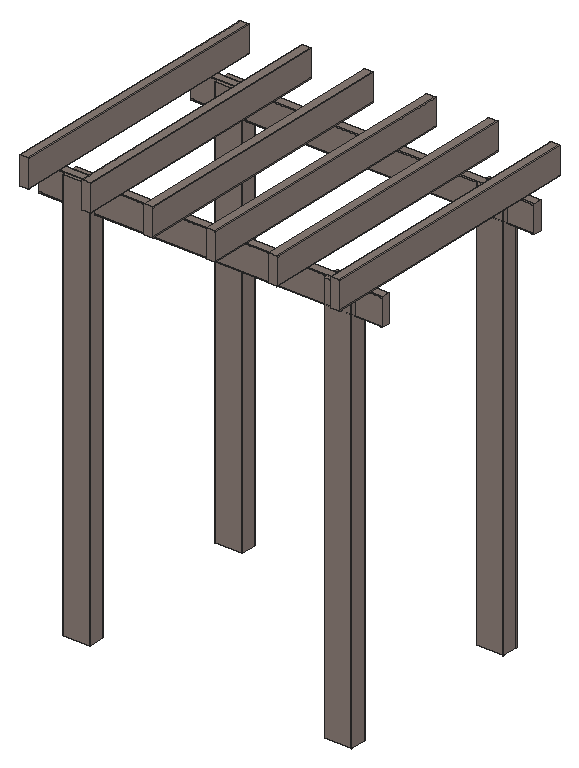
Revit family "F08368_PT_Pergolado-Plastica", category Mobiliário, Revit 2023
Family settings
  Com base no plano de trabalho = Sim
  Ativar corte nas vistas = Não
  Sempre na vertical = Sim
  Corte com vazios quando carregada = Não
  Origem da aparência de renderização = Geometria da família
  Compartilhado = Não
  Ponto de cálculo do ambiente = Não
Parameters (values of type "Único")
  f [instance] = b / 40.0 cm  # 6
  e [instance] = if(Largura Viga < 4.0 cm, 4.0 cm, if(Largura Viga > a - 20.0 cm, a - 20.0 cm, Largura Viga))  # 20.0 cm
  d [instance] = c  # 200.0 cm
  c [instance] = if(Largura < 150.0 cm, 150.0 cm, Largura)  # 200.0 cm
  b [instance] = if(Comprimento < 150.0 cm, 150.0 cm, Comprimento)  # 250.0 cm
  a [instance] = if(Altura < 100.0 cm, 100.0 cm, Altura)  # 320.0 cm
  Website = "https://www.BlocksRvt.com/"
  Type IFC Predefined Type = ""
  Suporte Traseiro Cobertura [instance] = yes
  Pilar Traseiro Esquerdo [instance] = yes
  Pilar Traseiro Direito [instance] = yes
  Pilar Frontal Esquerdo [instance] = yes
  Pilar Frontal Direito [instance] = yes
  Observações [instance] = "Mínimo de 100x150x150cm (AxCxL)"  # constant formula
  Largura [instance] = 200.0 cm
  Exportar tipo para IFC como = "IfcFurnitureType"
  Estrutura = Blks - Wood - Maple - Dark - 45x80 0° - Tinted - Brown - 97-78-69
  Detalhe = Blks - Wood - Maple - Dark - 45x80 90° - Tinted - Brown - 97-78-69
  Designer = ""
  Default Elevation = 0.0 cm
  Descrição = "Pergolado em madeira plástica"
  Código de montagem = "MobExt"
  Contact = "info@blocksrvt.com"  # constant formula
  Comprimento [instance] = 250.0 cm
  Comentários de tipos = "Pergolado Plastica"  # constant formula
  Author = "Blocks"  # constant formula
  Largura Viga [instance] = 20.0 cm
  Altura [instance] = 320.0 cm
Reference planes (cm)
  plane 1 "basis": z = 0
  plane 2: z = 300
  plane 3 "Center L/U": y = -20
  plane 4 "Center L/V": x = 0
  plane 5: x = 125
  plane 6: y = 80
  plane 7: y = -120
  plane 8: x = -125
  plane 9 "top": z = 320
  plane 10: x = 105
  plane 11: y = -95
  plane 12: y = 55
  plane 13: x = -105
  plane 14: z = 280
  plane 15: x = -113
  plane 16: x = 113
Forms (cm)
  Extrusion 1, solid, material "Blks - Wood - Maple - Dark - 45x80 0° - Tinted - Brown - 97-78-69" <- "Estrutura", visible <- "Pilar Frontal Direito"
    sketch origin (0, 0, 0) x (1, 0, 0) y (0, 1, 0)
      loop
        arc (104.5, -95) -> (104.8536, -94.8536) -> (105, -94.5) r 0.5
        line (105, -94.5) -> (105, -83.5)
        arc (105, -83.5) -> (104.8536, -83.1464) -> (104.5, -83) r 0.5
        line (104.5, -83) -> (85.5, -83)
        arc (85.5, -83) -> (85.1464, -83.1464) -> (85, -83.5) r 0.5
        line (85, -83.5) -> (85, -94.5)
        arc (85, -94.5) -> (85.1464, -94.8536) -> (85.5, -95) r 0.5
        line (85.5, -95) -> (104.5, -95)
    from 0 to 300
  Extrusion 2, solid, material "Blks - Wood - Maple - Dark - 45x80 0° - Tinted - Brown - 97-78-69" <- "Estrutura", visible <- "Pilar Frontal Esquerdo"
    sketch origin (0, 0, 0) x (1, 0, 0) y (0, 1, 0)
      loop
        line (-104.5, -95) -> (-85.5, -95)
        arc (-85.5, -95) -> (-85.1464, -94.8536) -> (-85, -94.5) r 0.5
        line (-85, -94.5) -> (-85, -83.5)
        arc (-85, -83.5) -> (-85.1464, -83.1464) -> (-85.5, -83) r 0.5
        line (-85.5, -83) -> (-104.5, -83)
        arc (-104.5, -83) -> (-104.8536, -83.1464) -> (-105, -83.5) r 0.5
        line (-105, -83.5) -> (-105, -94.5)
        arc (-105, -94.5) -> (-104.8536, -94.8536) -> (-104.5, -95) r 0.5
    from 0 to 300
  Extrusion 3, solid, material "Blks - Wood - Maple - Dark - 45x80 0° - Tinted - Brown - 97-78-69" <- "Estrutura", visible <- "Pilar Traseiro Esquerdo"
    sketch origin (0, 0, 0) x (1, 0, 0) y (0, 1, 0)
      loop
        arc (-104.5, 55) -> (-104.8536, 54.8536) -> (-105, 54.5) r 0.5
        line (-105, 54.5) -> (-105, 43.5)
        arc (-105, 43.5) -> (-104.8536, 43.1464) -> (-104.5, 43) r 0.5
        line (-104.5, 43) -> (-85.5, 43)
        arc (-85.5, 43) -> (-85.1464, 43.1464) -> (-85, 43.5) r 0.5
        line (-85, 43.5) -> (-85, 54.5)
        arc (-85, 54.5) -> (-85.1464, 54.8536) -> (-85.5, 55) r 0.5
        line (-85.5, 55) -> (-104.5, 55)
    from 0 to 300
  Extrusion 4, solid, material "Blks - Wood - Maple - Dark - 45x80 0° - Tinted - Brown - 97-78-69" <- "Estrutura", visible <- "Pilar Traseiro Direito"
    sketch origin (0, 0, 0) x (1, 0, 0) y (0, 1, 0)
      loop
        line (104.5, 55) -> (85.5, 55)
        arc (85.5, 55) -> (85.1464, 54.8536) -> (85, 54.5) r 0.5
        line (85, 54.5) -> (85, 43.5)
        arc (85, 43.5) -> (85.1464, 43.1464) -> (85.5, 43) r 0.5
        line (85.5, 43) -> (104.5, 43)
        arc (104.5, 43) -> (104.8536, 43.1464) -> (105, 43.5) r 0.5
        line (105, 43.5) -> (105, 54.5)
        arc (105, 54.5) -> (104.8536, 54.8536) -> (104.5, 55) r 0.5
    from 0 to 300
  Extrusion 5, solid, material "Blks - Wood - Maple - Dark - 45x80 90° - Tinted - Brown - 97-78-69" <- "Detalhe"
    sketch origin (0, 0, 0) x (0, 1, 0) y (0, 0, 1)
      loop
        arc (-86, 299.5) -> (-86.1464, 299.8536) -> (-86.5, 300) r 0.5
        line (-86.5, 300) -> (-91.5, 300)
        arc (-91.5, 300) -> (-91.8536, 299.8536) -> (-92, 299.5) r 0.5
        line (-92, 299.5) -> (-92, 280.5)
        arc (-92, 280.5) -> (-91.8536, 280.1464) -> (-91.5, 280) r 0.5
        line (-91.5, 280) -> (-86.5, 280)
        arc (-86.5, 280) -> (-86.1464, 280.1464) -> (-86, 280.5) r 0.5
        line (-86, 280.5) -> (-86, 299.5)
    from -125 to 125
  Extrusion 6, void
    sketch origin (0, 0, 0) x (0, 1, 0) y (0, 0, 1)
      loop
        line (-86, 300) -> (-92, 300) -> (-92, 280) -> (-86, 280) -> (-86, 300)
      loop
        line (46, 300) -> (46, 280) -> (52, 280) -> (52, 300) -> (46, 300)
    from -125 to 125
  Extrusion 7, solid, material "Blks - Wood - Maple - Dark - 45x80 90° - Tinted - Brown - 97-78-69" <- "Detalhe", visible <- "Suporte Traseiro Cobertura"
    sketch origin (0, -40, 0) x (0, -1, 0) y (0, 0, -1)
      loop
        line (-86, -299.5) -> (-86, -280.5)
        arc (-86, -280.5) -> (-86.1464, -280.1464) -> (-86.5, -280) r 0.5
        line (-86.5, -280) -> (-91.5, -280)
        arc (-91.5, -280) -> (-91.8536, -280.1464) -> (-92, -280.5) r 0.5
        line (-92, -280.5) -> (-92, -299.5)
        arc (-92, -299.5) -> (-91.8536, -299.8536) -> (-91.5, -300) r 0.5
        line (-91.5, -300) -> (-86.5, -300)
        arc (-86.5, -300) -> (-86.1464, -299.8536) -> (-86, -299.5) r 0.5
    from -125 to 125
Cuts and joins
  Extrusion 6 cuts Extrusion 2
  Extrusion 6 cuts Extrusion 1
  Extrusion 6 cuts Extrusion 3
  Extrusion 6 cuts Extrusion 4
Dimensions and locks (cm)
  equal spacing: plane 7, plane 3 "Center L/U", plane 6
  "c": plane 7 to plane 6
  "e": plane 9 "top" to plane 2
  equal spacing: plane 8, plane 4 "Center L/V", plane 5
  "b": plane 8 to plane 5
  locked: plane 10 to plane 5 at 20
  locked: plane 7 to plane 11 at 25
  "e": Extrusion 1 sketch curve to plane 10
  locked: plane 11 to Extrusion 1 sketch curve at 12
  locked: plane 6 to plane 12 at 25
  locked: plane 8 to plane 13 at 20
  "e": plane 13 to Extrusion 2 sketch curve
  locked: plane 11 to Extrusion 2 sketch curve at 12
  locked: plane 12 to Extrusion 3 sketch curve at 12
  "e": plane 13 to Extrusion 3 sketch curve
  "e": Extrusion 4 sketch curve to plane 10
  locked: plane 12 to Extrusion 4 sketch curve at 12
  Extrusion 5 sketch curve to Extrusion 5 sketch curve to plane 11 = 6.0 cm locked, 3.0 cm locked
  Extrusion 6 sketch curve to Extrusion 6 sketch curve to plane 11 = 6.0 cm locked, 3.0 cm locked
  plane 12 to Extrusion 6 sketch curve to Extrusion 6 sketch curve = 3.0 cm locked, 6.0 cm locked
  plane 12 to Extrusion 7 sketch curve to Extrusion 7 sketch curve = 3.0 cm locked, 6.0 cm locked
  locked: plane 8 to plane 15 at 12
  locked: plane 16 to plane 5 at 12
  "e": plane 2 to plane 14
  equal spacing: group 1, group 3, group 4, group 5, group 6, group 2  (x3)
  "a": plane 9 "top" to level
  radius of Extrusion 1 sketch curve = 0.5 cm  (x4)
  radius of Extrusion 2 sketch curve = 0.5 cm  (x4)
  radius of Extrusion 3 sketch curve = 0.5 cm  (x4)
  radius of Extrusion 4 sketch curve = 0.5 cm  (x4)
  radius of Extrusion 5 sketch curve = 0.5 cm  (x4)
  radius of Extrusion 7 sketch curve = 0.5 cm  (x4)
  aligned and locked: level to plane 1 "basis"
  aligned and locked: plane 10 to Extrusion 1 sketch curve
  aligned and locked: Extrusion 1 sketch curve to plane 11
  aligned and locked: Extrusion 2 sketch curve to plane 13
  aligned and locked: plane 11 to Extrusion 2 sketch curve
  aligned and locked: Extrusion 3 sketch curve to plane 12
  aligned and locked: plane 13 to Extrusion 3 sketch curve
  aligned and locked: plane 12 to Extrusion 4 sketch curve
  aligned and locked: Extrusion 4 sketch curve to plane 10
  aligned and locked: plane 2 to Extrusion 1
  aligned and locked: plane 2 to Extrusion 2
  aligned and locked: plane 2 to Extrusion 4
  aligned and locked: plane 2 to Extrusion 3
  aligned and locked: Extrusion 5 to plane 8
  aligned and locked: plane 5 to Extrusion 5
  aligned and locked: Extrusion 5 sketch curve to plane 2
  aligned and locked: Extrusion 5 sketch curve to plane 14
  aligned and locked: plane 2 to Extrusion 6 sketch curve
  aligned and locked: plane 14 to Extrusion 6 sketch curve
  aligned and locked: Extrusion 6 sketch curve to plane 2
  aligned and locked: Extrusion 6 sketch curve to plane 14
  aligned and locked: plane 2 to Extrusion 7 sketch curve
  aligned and locked: plane 14 to Extrusion 7 sketch curve
  aligned and locked: nested 1 to plane 2  (x2)
  aligned and locked: Extrusion 7 to plane 8
  aligned and locked: plane 5 to Extrusion 7
  aligned and locked: plane 3 "Center L/U" to nested 1
  aligned and locked: plane 15 to nested 1
  aligned and locked: plane 16 to nested 2
  aligned and locked: nested 2 to plane 2
  aligned and locked: plane 5 to Extrusion 6
  aligned and locked: Extrusion 6 to plane 8
Nested families (cm)
  nested 1: "Blks_Plastic-Pergola_Nested" at (-113, 0, 300), Altura <- "e", Largura <- "d", type "Unique"
    with Largura 200.0 cm, Altura 20.0 cm
  nested 2: "Blks_Plastic-Pergola_Nested" at (113, 0, 300), Altura <- "e", Largura <- "d", type "Unique"
    with Largura 200.0 cm, Altura 20.0 cm
  nested 3: "Blks_Plastic-Pergola_Nested" at (-67.8, 0, 300), Altura <- "e", Largura <- "d", type "Unique"
    with Largura 200.0 cm, Altura 20.0 cm
  nested 4: "Blks_Plastic-Pergola_Nested" at (-22.6, 0, 300), Altura <- "e", Largura <- "d", type "Unique"
    with Largura 200.0 cm, Altura 20.0 cm
  nested 5: "Blks_Plastic-Pergola_Nested" at (22.6, 0, 300), Altura <- "e", Largura <- "d", type "Unique"
    with Largura 200.0 cm, Altura 20.0 cm
  nested 6: "Blks_Plastic-Pergola_Nested" at (67.8, 0, 300), Altura <- "e", Largura <- "d", type "Unique"
    with Largura 200.0 cm, Altura 20.0 cm
Definition of nested family "Blks_Plastic-Pergola_Nested"
  Parameters (values of type "Unique")
    Website = "https://www.BlocksRvt.com/"
    Largura [instance] = 200.0 cm
    Estrutura = none
    Detalhe = none
    Designer = ""
    Default Elevation = 0.0 cm
    Description = ""
    Assembly Code = "MobExt"
    Contact = "info@blocksrvt.com"  # constant formula
    Type Comments = ""
    Author = "Blocks"  # constant formula
    Altura [instance] = 20.0 cm
  Reference planes (cm)
    plane 1 "basis": z = 0
    plane 2 "Center (Left/Right)": x = 0
    plane 3 "Center L/U": y = -20
    plane 4: y = 80
    plane 5: y = -120
    plane 6: z = 20
    plane 7: x = -3.285
    plane 8: x = 3.285
  Forms (cm)
    Extrusion 1, solid, material <- "Estrutura"
      sketch origin (108.2853, 0, -305) x (1, 0, 0) y (0, 0, 1)
        loop
          arc (-111.0703, 325) -> (-111.4238, 324.8536) -> (-111.5703, 324.5) r 0.5
          line (-111.5703, 324.5) -> (-111.5703, 305.5)
          arc (-111.5703, 305.5) -> (-111.4238, 305.1464) -> (-111.0703, 305) r 0.5
          line (-111.0703, 305) -> (-105.5003, 305)
          arc (-105.5003, 305) -> (-105.1467, 305.1464) -> (-105.0003, 305.5) r 0.5
          line (-105.0003, 305.5) -> (-105.0003, 324.5)
          arc (-105.0003, 324.5) -> (-105.1467, 324.8536) -> (-105.5003, 325) r 0.5
          line (-105.5003, 325) -> (-111.0703, 325)
      from -80 to 120
  Dimensions and locks (cm)
    equal spacing: plane 5, plane 3 "Center L/U", plane 4
    "Largura": plane 5 to plane 4
    plane 7 to plane 8 = 6.57 cm  (x2)
    "Altura": plane 6 to plane 1 "basis"
    radius of Extrusion 1 sketch curve = 0.5 cm  (x4)
    aligned and locked: level to plane 1 "basis"
    aligned and locked: Extrusion 1 sketch curve to plane 6
    aligned and locked: plane 8 to Extrusion 1 sketch curve
    aligned and locked: plane 7 to Extrusion 1 sketch curve
    aligned and locked: plane 1 "basis" to Extrusion 1 sketch curve
    aligned and locked: plane 4 to Extrusion 1
    aligned and locked: plane 5 to Extrusion 1
